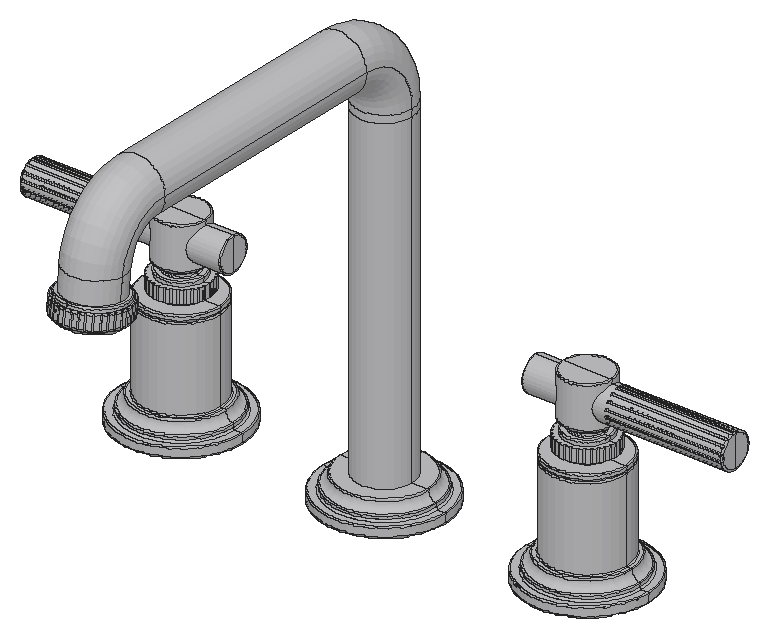
Revit family "Faucet-Deck_Mount-Bath-KALLISTA-Central_Park_West-P21247", category Plumbing Fixtures, host Face, Revit 2021 (continued)
Definition of nested family "P21247_Handle"
  Lines and regions (in)
    symbolic lines, detail levels medium+fine
      curve 263: arc (0, -0.28465, 3.10856) -> (0, -0.30548, 3.14892) -> (0, -0.32062, 3.19174) r 0.33282
      curve 264: arc (0, 0.3289, 3.23065) -> (0, 0.33282, 3.28134) -> (0, 0.3289, 3.33203) r 0.3289
      curve 265: arc (0, 0.04002, 2.95123) -> (0, 0, 2.94882) -> (0, -0.04002, 2.95123) r 0.33282
      curve 266: arc (0, -0.32898, 3.33206) -> (0, -0.33282, 3.28134) -> (0, -0.32898, 3.23062) r 0.33682
      curve 267: line (0.08001, 1.00515, 0) -> (-0.08001, 1.00515, 0)
      curve 268: arc (-0.08001, 1.00515, 0) -> (-0.08071, 1.01418, 0) -> (-0.08185, 1.02315, 0) r 0.18124
      curve 269: arc (0.08208, 1.02438, 0) -> (0.08078, 1.0148, 0) -> (0.08001, 1.00515, 0) r 0.1738
  Dimensions and locks (in)
    plane 6 to level = 8.76772"
    plane 1 "Center (Front/Back)" to plane 9 = 7.20472"
    plane 10 to level = 6.40157"
    plane 13 to level = 3.70079"
    plane 3 "Center (Left/Right)" to plane 14 = 2.91732"
    plane 15 to level = 2.94882"
    plane 4 to plane 5 = 2.42126"
    aligned and locked: plane 2 to level
Types (7): name | Type | Model | Finish
  (no name) | 1 | "P21247-LV-CP" | Kallista-Metal-CP-Chrome
  CP-Chrome | 1 | "P21247-LV-CP" | Kallista-Metal-CP-Chrome
  BN-Brushed Nickel | 2 | "P21247-LV-BN" | Kallista-Metal-BN-Brushed_Nickel
  BV-Brushed Bronze | 3 | "P21247-LV-BV" | Kallista-Metal-BV-Brushed_Bronze
  SN-Polished Nickel | 4 | "P21247-LV-SN" | Kallista-Metal-SN-Polished_Nickel
  ULB-Unlaquered Brass | 5 | "P21247-LV-ULB" | Kallista-Metal-ULB-Unlaquered_Brass
  BAF-Brushed French Gold | 6 | "P21247-LV-BAF" | Kallista-Metal-BAF-Brushed_French_Gold
